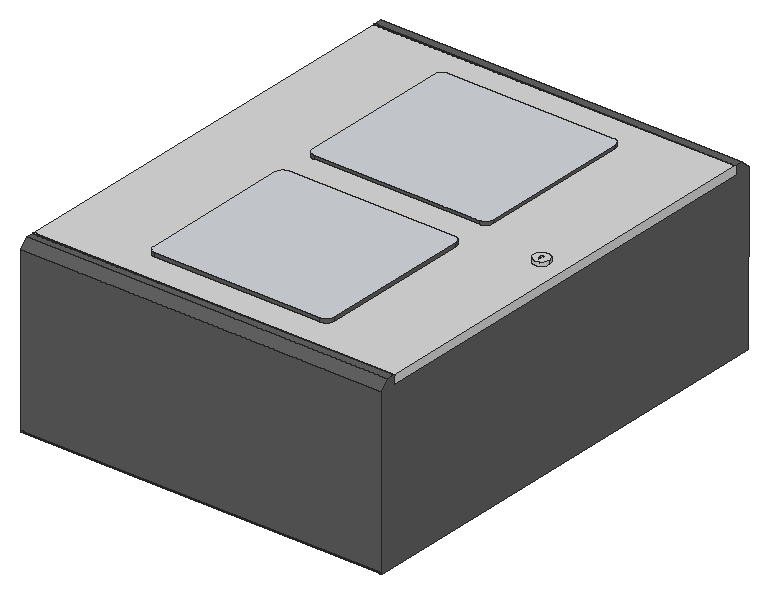
Revit family "Tyco_FireDtctnAlmCtrlIndctEquip_Zettler-Profile2-8LoopAddressableCtrlIndctPanel", category Fire Alarm Devices, host Face, Revit 2013
Parameters (values of type "With80ZoneLEDsAnd2x38AhBatteries-P885D")
  Width = 458 mm
  WarrantyStartDate [instance] = "1900-12-31T23:59:59"
  WarrantyGuarantorParts = "Contact your supplier. If you don’t have your supplier contact details please contact (tfsuk.service@tycoint.com) or (tfseu.service@tycoint.com)"
  WarrantyGuarantorLabor = "Contact your supplier. If you don’t have your supplier contact details please contact (tfsuk.service@tycoint.com) or (tfseu.service@tycoint.com)"
  WarrantyDurationUnit = "Year"
  WarrantyDurationParts = "1.5 years"
  WarrantyDurationLabor = "1.5 years"
  WarrantyDescription = "n/a"
  Version = "1"
  UsageCurrent = 0 A
  Uniclass2 = "Ee_40_15_75"
  URL = "http://www.zettlerfire.com/Products/Fire/zettlerpanels/PROFILE.asp"
  TotalNoOfAddresses = "500/2000"
  TagNumber [instance] = "n/a"
  SustainabilityPerformance = "n/a"
  StorageTemperature = "-20 °C to +70 °C"
  Size = "n/a"
  ShowZoneLEDs = yes
  Shape = "Rectangle"
  SerialNumber [instance] = "n/a"
  Revision = "n/a"
  ReplacementCost = "n/a"
  RelativeHumidity = "90% RH continuous (non-condensing)"
  Reference = "n/a"
  ProductSpecification = "P885D Profile 2-8 Loop Addressable Control and Indicating Panel with 80 Zone LEDs and 2*38Ah Batteries"
  ProductInformation = "http://www.zettlerfire.com/Products/Fire/zettlerpanels/PROFILE.asp"
  ProductCodes = "557.200.555"
  PhaseReference = "n/a"
  PhaseAngle = 0.00°
  OperationTemperatureRange = "-8 °C to +55 °C"
  NumberOfPoles = 1
  NominalWidth = Width  # 458 mm
  NominalVoltage = "230 V AC"
  NominalLength = Depth  # 221 mm
  NominalHeight = Height  # 580 mm
  NominalFrequencyRange = "50/60 Hz"
  NominalCurrent = 2.2 A
  NoOfZonesSupported = "240"
  NoOfZonalLEDs = "80"
  NoOfLoops = "2 to 8"
  Name = "P885D Profile 2-8 Loop Addressable Control and Indicating Panel with 80 Zone LEDs and 2*38Ah Batteries"
  NBSReference = "90-75-30/380"
  NBSDescription = "Fire detection and alarm control and indicating equipment (CIE)"
  ModelReference = "n/a"
  ModelNumber = "P885D"
  Model = "P885D"
  Material = "Mild steel"
  ManufacturerURL = "www.zettlerfire.com"
  ManufacturerName = "Tyco Fire Protection Products"
  Manufacturer = "Tyco Fire Protection Products"  # constant formula
  InsulationStandardClass = "n/a"
  InstallationDate [instance] = "1900-12-31T23:59:59"
  IfcTypeObject = "IfcBuildingElementProxy"
  IfcExportType = "NOTDEFINED"
  IfcExportAs = "IfcDistributionElement"
  IP_Code = "n/a"
  Height = 580 mm
  HasProtectiveEarth = yes
  Grade = "n/a"
  GUIPanelWidth = Width / 2  # 229 mm
  GUIPanelOffset = Height * 0.8  # 464 mm
  Finish = "n/a"
  Features = "n/a"
  ExpectedLife = "n/a"
  ElectricalDeviceNominalPower = 0 VA
  DurationUnit = "Year"
  Description = "Zettler-Profile 2-8 Loop Addressable Control and Indicating Panel with 80 Zone LEDs and 2*38Ah Batteries"
  Depth = 221 mm
  Default Elevation = 1200 mm
  Constituents = "n/a"
  ComponentWeight = "15.2 Kg"
  Color = "Grey"
  CodePerformance = "n/a"
  Category = "Ee_40_15_75"
  Brand = "Zettler\r\nZettler"
  BarCode [instance] = "n/a"
  BIMObjectName = "Tyco_FireDtctnAlmCtrlIndctEquip_Zettler-Profile2-8LoopAddressableCtrlIndctPanel With80ZoneLEDsAnd2x38AhBatteries-P885D"
  Author = "Tyco Fire Protection Products"
  AssetType = "Moveable"
  AssetIdentifier [instance] = "n/a"
  AddressesPerLoop = "250"
  AccessibilityPerformance = "n/a"
Types (2, lengths in mm): name | ShowZoneLEDs | ProductSpecification | ProductCodes | NumberOfPoles | NoOfZonalLEDs | Name | ModelNumber | Model | Description | ComponentWeight | BIMObjectName
  With80ZoneLEDsAnd2x38AhBatteries-P885D | yes | "P885D Profile 2-8 Loop Addressable Control and Indicating Panel with 80 Zone LEDs and 2*38Ah Batteries" | "557.200.555" | 1 | "80" | "P885D Profile 2-8 Loop Addressable Control and Indicating Panel with 80 Zone LEDs and 2*38Ah Batteries" | "P885D" | "P885D" | "Zettler-Profile 2-8 Loop Addressable Control and Indicating Panel with 80 Zone LEDs and 2*38Ah Batteries" | "15.2 Kg" | "Tyco_FireDtctnAlmCtrlIndctEquip_Zettler-Profile2-8LoopAddressableCtrlIndctPanel With80ZoneLEDsAnd2x38AhBatteries-P885D"
  with2x38AhBatteries-P805D | no | "P805D Profile 2-8 Loop Addressable Control and Indicating Panel with 2*38Ah Batteries" | "557.200.556" | 0 | "0" | "P805D Profile 2-8 Loop Addressable Control and Indicating Panel with 2*38Ah Batteries" | "P805D" | "P805D" | "Zettler-Profile 2-8 Loop Addressable Control and Indicating Panel with 2*38Ah Batteries" | "15.1 Kg" | "Tyco_FireDtctnAlmCtrlIndctEquip_Zettler-Profile2-8LoopAddressableCtrlIndctPanel with2x38AhBatteries-P805D"
Reference planes
  plane 1 "Center (Front/Back)": y = 0
  plane 2: z = 0
  plane 3 "Center (Left/Right)": x = 0
  plane 4: x = -229
  plane 5: x = 229
  plane 6: y = 290
  plane 7: y = -290
  plane 8: z = 221
  plane 9: z = 4
  plane 10: x = 199
  plane 11: x = -114.5
  plane 12: x = 114.5
  plane 13: y = 232
  plane 14: y = -232
  plane 15: z = 225
Forms (mm)
  Extrusion 1, solid, material "Black"
    sketch origin (0, 0, 0) x (0, 1, 0) y (0, 0, 1)
      loop
        line (-280, 221) -> (-290, 211) -> (-290, 5)
        arc (-290, 5) -> (-289.707, 4.293) -> (-289, 4) r 1
        line (-289, 4) -> (289, 4)
        arc (289, 4) -> (289.707, 4.293) -> (290, 5) r 1
        line (290, 5) -> (290, 211) -> (280, 221) -> (271, 221)
        arc (271, 221) -> (270.293, 220.707) -> (270, 220) r 1
        line (270, 220) -> (270, 211) -> (-270, 211) -> (-270, 220)
        arc (-270, 220) -> (-270.293, 220.707) -> (-271, 221) r 1
        line (-271, 221) -> (-280, 221)
    from -229 to 229
  Extrusion 2, solid, material "Grey"
    sketch origin (0, 0, 0) x (0, 1, 0) y (0, 0, 1)
      loop
        line (268.989, 221) -> (-269, 221)
        arc (-269, 221) -> (-269.707, 220.707) -> (-270, 220) r 1
        line (-270, 220) -> (-270, 211) -> (270, 211) -> (270, 219.989)
        arc (270, 219.989) -> (269.704, 220.704) -> (268.989, 221) r 1.011
    from -229 to 229
  Extrusion 3, solid, material "Grey", detail levels medium+fine
    sketch origin (0, 0, 0) x (1, 0, 0) y (0, 1, 0)
      loop
        circle (199, 0) r 10
      loop
        arc (197.181, 0) -> (197.806, -0.863) -> (198.027, -1.905) r 2.567
        line (198.027, -1.905) -> (198.027, -2.803)
        arc (198.027, -2.803) -> (199, -3.776) -> (199.973, -2.803) r 0.973
        line (199.973, -2.803) -> (199.973, -1.905)
        arc (199.973, -1.905) -> (200.194, -0.863) -> (200.819, 0) r 2.567
        arc (200.819, 0) -> (199, 2.832) -> (197.181, 0) r 2
    from 221 to 225
  Extrusion 4, solid, detail levels medium+fine
    sketch origin (0, 1151.95, 221) x (0, 1, 0) y (-1, 0, 0)
      loop
        arc (-919.95, 104.5) -> (-922.879, 111.571) -> (-929.95, 114.5) r 10
        line (-929.95, 114.5) -> (-1121.95, 114.5)
        arc (-1121.95, 114.5) -> (-1129.021, 111.571) -> (-1131.95, 104.5) r 10
        line (-1131.95, 104.5) -> (-1131.95, -104.5)
        arc (-1131.95, -104.5) -> (-1129.021, -111.571) -> (-1121.95, -114.5) r 10
        line (-1121.95, -114.5) -> (-929.95, -114.5)
        arc (-929.95, -114.5) -> (-922.879, -111.571) -> (-919.95, -104.5) r 10
        line (-919.95, -104.5) -> (-919.95, 104.5)
    from 0 to 4
  Extrusion 5, solid, visible <- "ShowZoneLEDs", detail levels medium+fine
    sketch origin (0, -1151.95, 221) x (0, -1, 0) y (1, 0, 0)
      loop
        line (-919.95, -104.5) -> (-919.95, 104.5)
        arc (-919.95, 104.5) -> (-922.879, 111.571) -> (-929.95, 114.5) r 10
        line (-929.95, 114.5) -> (-1121.95, 114.5)
        arc (-1121.95, 114.5) -> (-1129.021, 111.571) -> (-1131.95, 104.5) r 10
        line (-1131.95, 104.5) -> (-1131.95, -104.5)
        arc (-1131.95, -104.5) -> (-1129.021, -111.571) -> (-1121.95, -114.5) r 10
        line (-1121.95, -114.5) -> (-929.95, -114.5)
        arc (-929.95, -114.5) -> (-922.879, -111.571) -> (-919.95, -104.5) r 10
    from 0 to 4
  Extrusion 6, solid, material "Black"
    sketch origin (0, 1151.95, 221) x (0, 1, 0) y (-1, 0, 0)
      loop
        circle (-919.95, 114.5) r 20
      loop
        circle (-919.95, -114.5) r 20
      loop
        circle (-1383.95, 114.5) r 20
      loop
        circle (-1383.95, -114.5) r 20
    from -221 to -217
Cuts and joins
  joined: Extrusion 1, Extrusion 6
Lines and regions (mm)
  symbolic lines
    curve 1: line (-229, 290, 221) -> (229, 290, 221)
    curve 2: line (-229, -290, 221) -> (-229, 290, 221)
    curve 3: line (229, -290, 221) -> (-229, -290, 221)
    curve 4: line (229, 290, 221) -> (229, -290, 221)
    curve 5: line (-114.5, 232, 221) -> (114.5, 232, 221)
    curve 6: line (-114.5, 20, 221) -> (-114.5, 232, 221)
    curve 7: line (114.5, 20, 221) -> (-114.5, 20, 221)
    curve 8: line (114.5, 232, 221) -> (114.5, 20, 221)
    curve 13: line (-229, 0, 225) -> (229, 0, 225)
    curve 14: line (-229, 0, 0) -> (-229, 0, 225)
    curve 15: line (229, 0, 0) -> (-229, 0, 0)
    curve 16: line (229, 0, 225) -> (229, 0, 0)
    curve 17: line (0, 290, 225) -> (0, -290, 225)
    curve 18: line (0, 290, 0) -> (0, 290, 225)
    curve 19: line (0, -290, 0) -> (0, 290, 0)
    curve 20: line (0, -290, 225) -> (0, -290, 0)
  symbolic lines, visible <- "ShowZoneLEDs"
    curve 9: line (114.5, -232, 221) -> (-114.5, -232, 221)
    curve 10: line (114.5, -20, 221) -> (114.5, -232, 221)
    curve 11: line (-114.5, -20, 221) -> (114.5, -20, 221)
    curve 12: line (-114.5, -232, 221) -> (-114.5, -20, 221)
Dimensions and locks
  "Width": plane 4 to plane 5
  equal spacing: plane 4, plane 3 "Center (Left/Right)", plane 5
  "Height": plane 6 to plane 7
  equal spacing: plane 6, plane 1 "Center (Front/Back)", plane 7
  "Depth": plane 8 to level
  locked: plane 9 to level at 4
  locked: plane 8 to Extrusion 1 sketch curve at 10
  locked: plane 6 to Extrusion 1 sketch curve at 20
  locked: Extrusion 1 sketch curve to plane 7 at 20
  locked: plane 10 to plane 5 at 30
  "GUIPanelWidth": plane 11 to plane 12
  equal spacing: plane 11, plane 3 "Center (Left/Right)", plane 12
  "GUIPanelOffset": plane 13 to plane 14
  equal spacing: plane 13, plane 1 "Center (Front/Back)", plane 14
  locked: plane 15 to plane 8 at 4
  locked: plane 1 "Center (Front/Back)" to Extrusion 4 sketch curve at 20
  locked: Extrusion 5 sketch curve to plane 1 "Center (Front/Back)" at 20
  radius of Extrusion 4 sketch curve = 10 mm  (x4)
  radius of Extrusion 5 sketch curve = 10 mm  (x4)
  radius of Extrusion 6 sketch curve = 20 mm  (x4)
  aligned and locked: plane 2 to host face
  aligned and locked: level to host face
  aligned and locked: Extrusion 1 sketch curve to Extrusion 1 sketch curve  (x3)
  aligned and locked: Extrusion 1 to plane 4
  aligned and locked: Extrusion 1 to plane 5
  aligned and locked: Extrusion 1 to plane 9
  aligned and locked: Extrusion 1 sketch curve to plane 8
  aligned and locked: plane 6 to Extrusion 1 sketch curve
  aligned and locked: plane 7 to Extrusion 1 sketch curve
  aligned and locked: Extrusion 1 to Extrusion 2 sketch curve
  aligned and locked: Extrusion 2 sketch curve to Extrusion 1  (x3)
  aligned and locked: Extrusion 2 to plane 4
  aligned and locked: Extrusion 2 to plane 5
  aligned and locked: plane 1 "Center (Front/Back)" to Extrusion 3 sketch curve
  aligned and locked: plane 10 to Extrusion 3 sketch curve  (x3)
  aligned and locked: Extrusion 1 to Extrusion 3
  aligned and locked: Extrusion 4 sketch curve to plane 13
  aligned and locked: plane 11 to Extrusion 4 sketch curve
  aligned and locked: plane 12 to Extrusion 4 sketch curve
  aligned and locked: Extrusion 1 to Extrusion 4
  aligned and locked: plane 15 to Extrusion 4
  aligned and locked: Extrusion 5 to plane 8
  aligned and locked: Extrusion 5 to Extrusion 4
  aligned and locked: Extrusion 5 sketch curve to plane 11
  aligned and locked: plane 14 to Extrusion 5 sketch curve
  aligned and locked: Extrusion 5 sketch curve to plane 12
  aligned and locked: plane 15 to Extrusion 3
  aligned and locked: curve 1 to Extrusion 1
  aligned and locked: curve 2 to Extrusion 1
  aligned and locked: curve 3 to Extrusion 1
  aligned and locked: curve 4 to Extrusion 1
  aligned and locked: curve 5 to plane 13
  aligned and locked: plane 11 to curve 6
  aligned and locked: plane 12 to curve 8
  aligned and locked: curve 7 to Extrusion 4
  aligned and locked: curve 9 to plane 14
  aligned and locked: plane 12 to curve 10
  aligned and locked: plane 11 to curve 12
  aligned and locked: curve 11 to Extrusion 5
  aligned and locked: curve 13 to plane 15
  aligned and locked: level to curve 15
  aligned and locked: plane 5 to curve 16
  aligned and locked: plane 4 to curve 14
  aligned and locked: plane 15 to curve 17
  aligned and locked: plane 6 to curve 18
  aligned and locked: curve 19 to level
  aligned and locked: plane 7 to curve 20
  aligned and locked: plane 13 to Extrusion 6 sketch curve  (x2)
  aligned and locked: plane 11 to Extrusion 6 sketch curve  (x2)
  aligned and locked: plane 12 to Extrusion 6 sketch curve  (x2)
  aligned and locked: plane 14 to Extrusion 6 sketch curve  (x2)
  aligned and locked: Extrusion 6 to level
  aligned and locked: Extrusion 6 to Extrusion 1
Automatic sketch dimensions
  host sketch curve to host sketch curve = 1401.978 mm
  host sketch curve to host sketch curve = 1604.074 mm
  Extrusion 2 sketch curve to plane 7 = 21 mm
  Extrusion 2 sketch curve to plane 8 = 1.011 mm
  plane 10 to Extrusion 3 sketch curve = 0.973 mm
  plane 1 "Center (Front/Back)" to Extrusion 3 sketch curve = 2.803 mm
  Extrusion 3 sketch curve to Extrusion 3 sketch curve = 2.567 mm
  plane 1 "Center (Front/Back)" to Extrusion 3 sketch curve = 0 mm  (x2)
  plane 10 to Extrusion 3 sketch curve = 1.819 mm
  plane 1 "Center (Front/Back)" to Extrusion 3 sketch curve = 1.905 mm
  Extrusion 3 sketch curve to Extrusion 3 sketch curve = 0.832 mm
  Extrusion 1 sketch curve to plane 9 = 0 mm
  Extrusion 1 sketch curve to plane 8 = 0 mm
  Extrusion 1 sketch curve to plane 7 = 1 mm
  plane 9 to Extrusion 1 sketch curve = 1 mm
  Extrusion 1 sketch curve to plane 7 = 10 mm
  Extrusion 1 sketch curve to Extrusion 1 sketch curve = 1 mm  (x2)
  Extrusion 1 sketch curve to Extrusion 1 sketch curve = 9 mm
  radius of Extrusion 3 sketch curve = 10 mm
Connectors
  electrical at (0, 0, 4)
    settings: on Extrusion 1, index 1, voltage 0 V, apparent load 0 VA, apparent load phase1 0 VA, apparent load phase2 0 VA, apparent load phase3 0 VA, power factor 1, load classification "Other", number of poles 1, system type 31, power factor state 1, is connector primary yes, connector utility no, sub classification motor no, connector description ""
